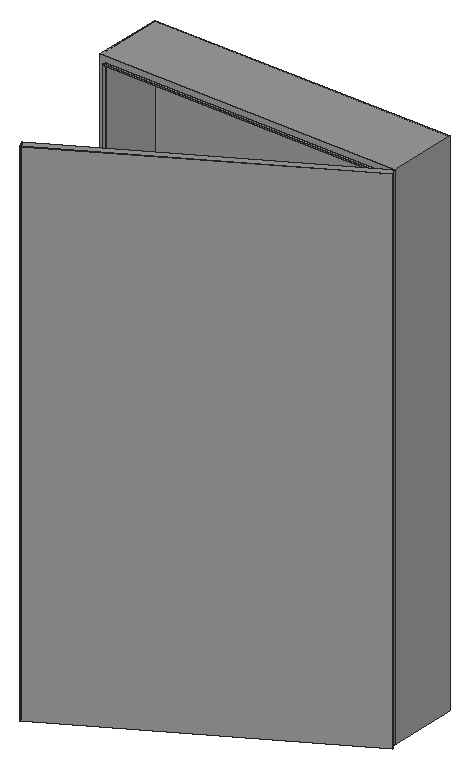
Revit family "Hager-Univers-IP44-D205-H1400-Cl.II-Encl-NoHosted-ES-es", category Electrical Equipment, Revit 2020
Family settings
  Panel Configuration = Two Columns, Circuits Across
  Round Connector Dimension = Use Diameter
  Part Type = Panelboard
  Work Plane-Based = Yes
  Always vertical = Yes
  Cut with Voids When Loaded = No
  Shared = No
  Room Calculation Point = No
Parameters (values of type "Montado superficial (escayola) IP44 A800 A1400 P205  - FP93SN2")
  Width Control [instance] = if([EF000008 - Anchura] > Min Width, [EF000008 - Anchura], Min Width)  # 800 mm
  Type Comments = [HG000003 - Gama]  # "Univers"
  Thickness Door [instance] = if([EF009171 - Espesor puerta/tapa] > 3 mm, 3 mm, [EF009171 - Espesor puerta/tapa])  # 1 mm
  Seal Frame Offset [instance] = 17 mm  # constant formula
  Plinth Visibility [instance] = [HG000027 - Altura de zócalo] > 0 mm  # no
  Min Width [instance] = 100 mm  # constant formula
  Min Depth [instance] = (2 * [EF009170 - Espesor del material de la caja]) + 1 mm  # 3 mm
  Min Height [instance] = 100 mm  # constant formula
  Internal Frame Depth [instance] = (Door System Depth * 0.5)  # 9 mm
  Panel Name [instance] = ""  # (empty or 0)
  Model = ""
  HG000027 - Altura de zócalo = 0 mm
  HG000026 - Instalación en suelo = no
  HG000024 - Altura de la sección inferior = 600 mm
  HG000023 - Caja de doble sección = no
  HG000016 - Visibilidad de la puerta 3D [instance] = yes
  HG000015 - Visibilidad a través de la puerta [instance] = no
  HG000014 - Puerta a la derecha [instance] = yes
  HG000013 - Puerta a la izquierda [instance] = not([HG000014 - Puerta a la derecha])  # no
  HG000012 - Ángulo de giro de la puerta [instance] = 30.00°
  HG000010 - Puertas asimétricas = no
  HG000009 - Puerta batiente doble = no
  HG000006 - Empotrado = no
  HG000004 - Referencia del fabricante = "FP93SN2"
  HG000003 - Gama = "Univers"
  HG000002 - Con puerta o tapa = yes
  Frame Offset Bottom [instance] = 10 mm  # constant formula
  Frame Offset [instance] = 15 mm  # constant formula
  EF015940 - Tapa con alivio de sobrepresión = no
  EF011959 - Grado de protección (NEMA) = ""
  EF009554 - Número de aberturas para placas-brida = 6
  EF009212 - Versión de la cubierta = "EV000116 - Cerrado"
  EF009171 - Espesor puerta/tapa = 1 mm
  EF009170 - Espesor del material de la caja = 1 mm
  EF008873 - Corriente nominal (In) = 250 A
  EF007800 - Adecuado para la protección contra rayos = no
  EF006306 - Con cierre = no
  EF006244 - Tapa/puerta transparente = no
  EF005474 - Grado de protección (IP) = "EV006418 - IP44"
  EF004464 - Tipo de puerta = "EV002646 - Único"
  EF004427 - Número de módulos = 324
  EF004293 - Resistencia al impacto (IK) = "EV006815 - IK09"
  EF003532 - Adecuado para uso en exteriores = no
  EF002950 - Anchura de unidades de división = 36
  EF001613 - Integridad del circuito = "EV000494 - Ninguno"
  EF001596 - Material de la carcasa = "EV000179 - Acero"
  EF001131 - Profundidad interna = 143 mm
  EF001088 - Posibilidad de extensión = yes
  EF000437 - Número de entradas de conductos de cables = 6
  EF000339 - Tipo de cubierta = "EV001012 - Cubrir"
  EF000266 - Número de filas = 9
  EF000218 - Profundidad de instalación = 205 mm
  EF000118 - Con placa de montaje = no
  EF000116 - Número RAL = "9010"
  EF000049 - Profundidad = 205 mm
  EF000040 - Altura = 1400 mm
  EF000008 - Anchura = 800 mm
  EF000007 - Color = "EV000202 - Blanco"
  EF000003 - Tipo de montaje = "EV000384 - Montado superficial (escayola)"
  Door System Leaf Tolerance [instance] = 1.5 mm  # constant formula
  Door System Depth [instance] = 18 mm  # constant formula
  Door Height [instance] = Height Control - [HG000027 - Altura de zócalo]  # 1400 mm
  Description = ""
  Default Elevation = 1219.2 mm
  Connector Offset [instance] = Height Control / 2  # 700 mm
  Manufacturer = "Hager"  # constant formula
  Height Control [instance] = if([EF000040 - Altura] > Min Height, [EF000040 - Altura], Min Height)  # 1400 mm
  Depth Control [instance] = if([EF000049 - Profundidad] > Min Depth, [EF000049 - Profundidad], Min Depth)  # 205 mm
  Bottom Top Plate Trim [instance] = 1.5 mm  # constant formula
  Plinth height Ctrl [instance] = if([HG000027 - Altura de zócalo] > 0 mm, [HG000027 - Altura de zócalo], 12 mm)  # 12 mm
Types (5, lengths in mm): name | Width Control | HG000010 - Puertas asimétricas | HG000009 - Puerta batiente doble | HG000004 - Referencia del fabricante | EF009554 - Número de aberturas para placas-brida | EF004464 - Tipo de puerta | EF004427 - Número de módulos | EF002950 - Anchura de unidades de división | EF001131 - Profundidad interna | EF000437 - Número de entradas de conductos de cables | EF000339 - Tipo de cubierta | EF000008 - Anchura
  Montado superficial (escayola) IP44 A1050 A1400 P205  - FP94SN2 | 1050 | no | yes | "FP94SN2" | 8 | "EV003602 - Doble" | 432 | 48 | 143 | 8 | "EV001012 - Cubrir" | 1050
  Montado superficial (escayola) IP44 A1300 A1400 P205  - FP95SN2 | 1300 | yes | yes | "FP95SN2" | 10 | "EV003602 - Doble" | 540 | 60 | 130 | 10 | "EV004216 - Puerta" | 1300
  Montado superficial (escayola) IP44 A300 A1400 P205  - FP91SN2 | 300 | no | no | "FP91SN2" | 2 | "EV002646 - Único" | 108 | 12 | 143 | 2 | "EV001012 - Cubrir" | 300
  Montado superficial (escayola) IP44 A550 A1400 P205  - FP92SN2 | 550 | no | no | "FP92SN2" | 4 | "EV002646 - Único" | 216 | 24 | 143 | 4 | "EV001012 - Cubrir" | 550
  Montado superficial (escayola) IP44 A800 A1400 P205  - FP93SN2 | 800 | no | no | "FP93SN2" | 6 | "EV002646 - Único" | 324 | 36 | 143 | 6 | "EV001012 - Cubrir" | 800
Reference planes
  plane 1 "Center (Front/Back)": y = 0
  plane 2: z = 0
  plane 3 "Center (Left/Right)": x = 0
  plane 4: y = 0
  plane 5: y = 0
  plane 6: z = 0
  plane 7: x = -400
  plane 8: x = 400
  plane 9: x = 399
  plane 10: x = -399
  plane 11: z = 0
  plane 12: z = 1
  plane 13: y = -205
  plane 14: y = -1
  plane 15: x = 0
  plane 16: y = -187
  plane 17: y = -204
  plane 18: y = -186
  plane 19: x = -384
  plane 20: x = 384
  plane 21: z = 11
  plane 22: x = -383
  plane 23: x = 383
  plane 24: z = 0
  plane 25: z = 1400
  plane 26: z = 1400
  plane 27: z = 1384
  plane 28: z = 1399
Forms (mm)
  Extrusion 1, solid, material "Hager_Steel_RAL7035_Light_Grey", detail levels medium+fine
    sketch origin (-208.679, -4572, 0) x (-1, 0, 0) y (0, -1, 0)
      loop
        line (191.321, -4385) -> (-608.679, -4385) -> (-608.679, -4572) -> (191.321, -4572) -> (191.321, -4385)
    from 0 to 1400
  Extrusion 2, void
    sketch origin (-350.771, -205, 1219.2) x (1, 0, 0) y (0, 0, 1)
      loop
        line (-48.229, 179.8) -> (-48.229, -1218.2) -> (749.771, -1218.2) -> (749.771, 179.8) -> (-48.229, 179.8)
    from -19 to -204
  Extrusion 3, void
    sketch origin (-290.084, -187, 1219.2) x (1, 0, 0) y (0, 0, 1)
      loop
        line (-93.916, -1208.2) -> (674.084, -1208.2) -> (674.084, 164.8) -> (-93.916, 164.8) -> (-93.916, -1208.2)
    from 0 to -1
  Extrusion 4, solid, material "Hager_Steel_RAL7035_Light_Grey", visible <- "Plinth Visibility", detail levels medium+fine
    sketch origin (0, 0, 0) x (1, 0, 0) y (0, 1, 0)
      loop
        line (-400, 0) -> (-400, -187) -> (400, -187) -> (400, 0) -> (-400, 0)
    from 0 to 12 <- "Plinth height Ctrl"
  Extrusion 5, solid, material "Hager_Steel_RAL7035_Light_Grey", detail levels coarse
    sketch origin (0, 0, 0) x (1, 0, 0) y (0, 1, 0)
      loop
        line (-400, 0) -> (-400, -205) -> (400, -205) -> (400, 0) -> (-400, 0)
    from 0 to 1400 <- "Height Control"
  Sweep 6, void
    path in 3D
      loop
        line (-400, -187, 12) -> (400, -187, 12) -> (400, 0, 12) -> (-400, 0, 12) -> (-400, -187, 12)
    profile origin (-400, -93.5, 12) x (1, 0, 0) y (0, 0, 1)
      loop
        line (0, 0) -> (0, -1.5) -> (1.5, -1.5)
        arc (1.5, -1.5) -> (1.061, -0.439) -> (0, 0) r 1.5
  Extrusion 7, solid, material "Hager_Steel_RAL7035_Light_Grey", detail levels fine
    sketch origin (-400, -187, 0) x (1, 0, 0) y (0, 0, 1)
      loop
        line (16, 11) -> (784, 11) -> (784, 1384) -> (16, 1384) -> (16, 11)
      loop
        line (15, 10) -> (785, 10) -> (785, 1385) -> (15, 1385) -> (15, 10)
    from 0 to 9 <- "Internal Frame Depth"
Cuts and joins
  Extrusion 2, Extrusion 3 cuts Extrusion 1
  Sweep 6 cuts Extrusion 4
Lines and regions (mm)
  Masking region 1
    outline origin (0, 0, 0) x (1, 0, 0) y (0, 1, 0)
      loop
        line (-400, 0) -> (-400, -205) -> (400, -205) -> (400, 0) -> (-400, 0)
  Masking region 2, detail levels coarse
    outline origin (-290.084, -187, 1219.2) x (-1, 0, 0) y (0, 0, 1)
      loop
        line (-690.084, -1219.2) -> (109.916, -1219.2) -> (109.916, 180.8) -> (-690.084, 180.8) -> (-690.084, -1219.2)
  Masking region 3, detail levels coarse
    outline origin (0, 0, 0) x (0, 1, 0) y (0, 0, 1)
      loop
        line (0, 0) -> (0, 1400) -> (-205, 1400) -> (-205, 0) -> (0, 0)
  Masking region 4, visible <- "Plinth Visibility", detail levels medium+fine
    outline origin (0, 0, 0) x (0, 1, 0) y (0, 0, 1)
      loop
        line (-1.5, 12) -> (-185.5, 12)
        arc (-185.5, 12) -> (-185.939, 10.939) -> (-187, 10.5) r 1.5
        line (-187, 10.5) -> (-187, 0) -> (0, 0) -> (0, 10.5)
        arc (0, 10.5) -> (-1.061, 10.939) -> (-1.5, 12) r 1.5
  Masking region 5, detail levels medium+fine
    outline origin (0, 0, 594.038) x (0, 1, 0) y (0, 0, 1)
      loop
        line (0, -594.038) -> (0, 805.962) -> (-187, 805.962) -> (-187, -594.038) -> (0, -594.038)
  Masking region 6, detail levels medium+fine
    outline origin (-359.7, -187, 1211.883) x (-1, 0, 0) y (0, 0, 1)
      loop
        line (-759.7, -1211.883) -> (40.3, -1211.883) -> (40.3, 188.117) -> (-759.7, 188.117) -> (-759.7, -1211.883)
  Masking region 7, visible <- "Plinth Visibility", detail levels medium+fine
    outline origin (-320.334, -187, 1041.368) x (-1, 0, 0) y (0, 0, 1)
      loop
        line (-720.334, -1041.368) -> (79.666, -1041.368) -> (79.666, -1030.868)
        arc (79.666, -1030.868) -> (78.606, -1030.429) -> (78.166, -1029.368) r 1.5
        line (78.166, -1029.368) -> (-718.834, -1029.368)
        arc (-718.834, -1029.368) -> (-719.273, -1030.429) -> (-720.334, -1030.868) r 1.5
        line (-720.334, -1030.868) -> (-720.334, -1041.368)
  sketch lines
    curve 1: line (-400, 0, 12) -> (-400, -187, 12)
    curve 2: line (-400, -187, 12) -> (400, -187, 12)
    curve 3: line (400, 0, 12) -> (-400, 0, 12)
    curve 4: line (400, -187, 12) -> (400, 0, 12)
Dimensions and locks
  locked: plane 1 "Center (Front/Back)" to plane 5
  "EF009170 - Espesor del material de la caja": plane 7 to plane 10
  "EF009170 - Espesor del material de la caja": plane 8 to plane 9
  equal spacing: plane 7, plane 3 "Center (Left/Right)", plane 8
  "Width Control": plane 7 to plane 8
  "Depth Control": plane 4 to plane 13
  "EF009170 - Espesor del material de la caja": plane 4 to plane 14
  "Height Control": plane 25 to level
  "HG000027 - Altura de zócalo": plane 11 to level
  "EF009170 - Espesor del material de la caja": plane 12 to plane 11
  "EF009170 - Espesor del material de la caja": plane 17 to plane 13
  "EF009170 - Espesor del material de la caja": plane 18 to plane 16
  "Frame Offset Bottom": plane 21 to plane 12
  "Frame Offset": plane 10 to plane 19
  "Frame Offset": plane 9 to plane 20
  "Door System Depth": plane 16 to plane 13
  "Seal Frame Offset": plane 7 to plane 22
  "Seal Frame Offset": plane 8 to plane 23
  "EF009170 - Espesor del material de la caja": plane 26 to plane 28
  "Frame Offset": plane 28 to plane 27
  "Connector Offset": plane 2 to connector elem
  "Bottom Top Plate Trim": profile plane to Sweep 6 sketch curve
  "Bottom Top Plate Trim": Sweep 6 sketch curve to Sweep 6 sketch curve
  "Plinth height Ctrl": Masking region 4 sketch curve to level
  "Plinth height Ctrl": Masking region 7 sketch curve to level
  "Thickness Door": Extrusion 7 sketch curve to Extrusion 7 sketch curve  (x4)
  "Bottom Top Plate Trim": radius of Sweep 6 sketch curve
  "Bottom Top Plate Trim": radius of Masking region 4 sketch curve  (x2)
  "Bottom Top Plate Trim": radius of Masking region 7 sketch curve  (x2)
  aligned and locked: Extrusion 2 sketch curve to plane 12
  aligned and locked: Extrusion 2 sketch curve to plane 9
  aligned and locked: Extrusion 2 sketch curve to plane 10
  aligned and locked: Extrusion 2 to plane 14
  aligned and locked: Extrusion 1 sketch curve to plane 4
  aligned and locked: plane 8 to Extrusion 1 sketch curve
  aligned and locked: plane 7 to Extrusion 1 sketch curve
  aligned and locked: Extrusion 2 to plane 18
  aligned and locked: Extrusion 3 sketch curve to plane 19
  aligned and locked: plane 20 to Extrusion 3 sketch curve
  aligned and locked: Extrusion 3 to Extrusion 2
  aligned and locked: Extrusion 3 sketch curve to plane 21
  aligned and locked: plane 3 "Center (Left/Right)" to nested 1
  aligned and locked: Extrusion 1 sketch curve to plane 16
  aligned and locked: Extrusion 4 sketch curve to cut or joined group of Extrusion 1, Extrusion 2, Extrusion 3
  aligned and locked: Masking region 1 sketch curve to plane 7
  aligned and locked: Masking region 1 sketch curve to plane 5
  aligned and locked: Masking region 1 sketch curve to plane 8
  aligned and locked: Masking region 2 sketch curve to level
  aligned and locked: level to Masking region 3 sketch curve
  aligned and locked: plane 1 "Center (Front/Back)" to Masking region 3 sketch curve
  aligned and locked: plane 13 to Masking region 3 sketch curve
  aligned and locked: plane 5 to Masking region 4 sketch curve
  aligned and locked: Masking region 2 sketch curve to plane 8
  aligned and locked: Masking region 2 sketch curve to plane 7
  aligned and locked: plane 7 to nested 2
  aligned and locked: nested 2 to plane 5
  aligned and locked: plane 5 to Masking region 5 sketch curve
  aligned and locked: plane 26 to Masking region 5 sketch curve
  aligned and locked: Extrusion 5 sketch curve to plane 8
  aligned and locked: Extrusion 5 sketch curve to plane 7
  aligned and locked: Extrusion 5 sketch curve to plane 5
  aligned and locked: Extrusion 3 sketch curve to plane 27
  aligned and locked: Extrusion 2 sketch curve to plane 28
  aligned and locked: Masking region 2 to plane 25
  aligned and locked: Extrusion 4 to plane 16
  aligned and locked: profile plane to Sweep 6 sketch curve
  aligned and locked: Masking region 5 sketch curve to plane 24
  aligned and locked: level to Masking region 4 sketch curve
  aligned and locked: Masking region 1 to plane 13
  aligned and locked: nested 1 to plane 16
  aligned and locked: Masking region 3 to plane 25
  aligned and locked: plane 16 to Masking region 4 sketch curve
  aligned and locked: Masking region 5 sketch curve to plane 16
  aligned and locked: plane 24 to plane 11
  aligned and locked: plane 26 to plane 25
  aligned and locked: plane 26 to cut or joined group of Extrusion 1, Extrusion 2, Extrusion 3
  aligned and locked: nested 1 to plane 24
  aligned and locked: Extrusion 1 to Extrusion 3
  aligned and locked: Masking region 6 sketch curve to plane 8
  aligned and locked: Masking region 6 sketch curve to plane 24
  aligned and locked: Masking region 6 sketch curve to plane 7
  aligned and locked: Masking region 6 sketch curve to plane 26
  aligned and locked: Masking region 7 sketch curve to plane 7
  aligned and locked: level to Masking region 7 sketch curve
  aligned and locked: Masking region 7 sketch curve to plane 8
  aligned and locked: Extrusion 7 sketch curve to cut or joined group of Extrusion 1, Extrusion 2, Extrusion 3  (x4)
Automatic sketch dimensions
  plane 19 to Extrusion 3 sketch curve = 0 mm
  Extrusion 3 sketch curve to plane 20 = 0 mm
  Extrusion 3 sketch curve to plane 21 = 0 mm
  Extrusion 4 sketch curve to plane 7 = 0 mm
  Extrusion 4 sketch curve to plane 8 = 0 mm
  Extrusion 4 sketch curve to plane 16 = 0 mm
  Masking region 1 sketch curve to plane 13 = 0 mm
  Masking region 2 sketch curve to plane 25 = 0 mm
  Masking region 3 sketch curve to plane 25 = 0 mm
  Extrusion 5 sketch curve to plane 13 = 0 mm
  profile plane to Sweep 6 sketch curve = 0 mm
Nested families
  nested 1: "EC000058_Univers_Door" at (0, -187, 0), Double <- "HG000009 - Puerta batiente doble", Transparent <- "EF006244 - Tapa/puerta transparente", Angle <- "HG000012 - Ángulo de giro de la puerta", Door_Right <- "HG000014 - Puerta a la derecha", Assymetrical <- "HG000010 - Puertas asimétricas", Door <- "HG000002 - Con puerta o tapa", Width_Ctrl <- "Width Control", 3d_Door <- "HG000016 - Visibilidad de la puerta 3D", Clearance <- "HG000015 - Visibilidad a través de la puerta", Door_Left <- "HG000013 - Puerta a la izquierda", Width <- "Width Control", Door_Depth <- "Door System Depth", Leaf_Tolerance <- "Door System Leaf Tolerance", Height <- "Door Height", Lock_Visibility <- "EF006306 - Con cierre", Thickness <- "Thickness Door", type "EC000058_Univers_Door", detail levels medium+fine
    with min_wh 3 mm, Width_Ctrl 800 mm, Width 800 mm, Transparent no, Thickness 1 mm, Seal_Material Hager_Rubber, Lock_Visibility no, Lock_Material Hager_Plastic_RAL9005_Jet_Black, Leaf_Width 800 mm, Leaf_Tolerance_External_Sides 0 mm, Leaf_Tolerance 1.5 mm, Leaf_Offset 0 mm, Leaf_Height 1397 mm, Leaf_2_Width 800 mm, Leaf_2_Offset 400 mm, Leaf_1_Width 800 mm, Leaf_1_Offset 400 mm, Height_Ctrl 1400 mm, Height 1400 mm, Glass_Material Hager_Glass, Double_Clearance_Ctrl no, Double no, Door_Right_Ctrl yes, Door_Right yes, Door_Material Hager_Steel_RAL7035_Light_Grey, Door_Left_Ctrl no, Door_Left no, Door_Depth 18 mm, Door yes, Clearance_Material Hager_Clearance, Clearance_Depth 800 mm, Clearance_Ctrl no, Clearance no, Assymetrical no, Angle 30.00°, 3d_Door yes
  nested 2: "Hager_Enclosure_Symbol" at (-400, 0, 0), Height <- "Depth Control", Width <- "Width Control", type "Hager_Enclosure_Symbol"
    with Width_Ctrl 800 mm, Width 800 mm, Height_Ctrl 205 mm, Height 205 mm, A_Width_Int 13.453 mm, A_Width 161.438 mm, A_Height_Ctrl 179.375 mm, A_Height 179.375 mm
Connectors
  electrical at (0, 0, 700)
    settings: on plane 1 "Center (Front/Back)", index 1, voltage 0 V, apparent load 0 VA, apparent load phase1 0 VA, apparent load phase2 0 VA, apparent load phase3 0 VA, power factor 1, load classification "Other", number of poles 1, system type 30, power factor state 1, is connector primary yes, connector utility no, sub classification motor no, connector description ""
Definition of nested family "EC000058_Univers_Door"
  Parameters (values of type "EC000058_Univers_Door")
    min_wh [instance] = (2 * Thickness) + 1 mm  # 11 mm
    Width_Ctrl [instance] = 400 mm
    Width [instance] = 500 mm
    Transparent [instance] = yes
    Thickness [instance] = 5 mm
    Seal_Material [instance] = none
    Lock_Visibility [instance] = yes
    Lock_Material [instance] = none
    Leaf_Width [instance] = if((Width_Ctrl - 2 * Leaf_Tolerance_External_Sides) > 0 mm, (Width_Ctrl - 2 * Leaf_Tolerance_External_Sides), min_wh)  # 400 mm
    Leaf_Tolerance_External_Sides [instance] = 0 mm  # constant formula
    Leaf_Tolerance [instance] = 1.5 mm
    Leaf_Offset [instance] = 0 mm  # constant formula
    Leaf_Height [instance] = if((Height_Ctrl - 2 * Leaf_Tolerance) > 0 mm, (Height_Ctrl - 2 * Leaf_Tolerance), min_wh)  # 497 mm
    Leaf_2_Width [instance] = if(and(and(Double, Assymetrical), Door_Left), (Leaf_Width / 3) - (Leaf_Tolerance / 2), if(and(and(Double, Assymetrical), Door_Right), (Leaf_Width / 3) * 2 - (Leaf_Tolerance / 2), if(and(Double, not(Assymetrical)), (Leaf_Width / 2) - Leaf_Tolerance, Leaf_Width)))  # 400 mm
    Leaf_2_Offset [instance] = if(and(Double, Assymetrical), Leaf_2_Width / 2, if(and(Double, not(Assymetrical)), Leaf_Width / 4, Leaf_Width / 2))  # 200 mm
    Leaf_1_Width [instance] = if(and(and(Double, Assymetrical), Door_Right), (Leaf_Width / 3) - (Leaf_Tolerance / 2), if(and(and(Double, Assymetrical), Door_Left), (Width / 3) * 2 - (Leaf_Tolerance / 2), if(and(Double, not(Assymetrical)), (Leaf_Width / 2) - Leaf_Tolerance, Leaf_Width)))  # 400 mm
    Leaf_1_Offset [instance] = if(and(Double, Assymetrical), Leaf_1_Width / 2, if(and(Double, not(Assymetrical)), Leaf_Width / 4, Leaf_Width / 2))  # 200 mm
    Height_Ctrl [instance] = if(Height > min_wh, Height, min_wh)  # 500 mm
    Height [instance] = 500 mm
    Glass_Material [instance] = none
    Double_Clearance_Ctrl [instance] = and(Double, Clearance)  # no
    Double [instance] = no
    Door_Right_Ctrl [instance] = and(or(Door_Right, Double), Door)  # yes
    Door_Right [instance] = yes
    Door_Material [instance] = none
    Door_Left_Ctrl [instance] = and(or(Door_Left, Double), Door)  # no
    Door_Left [instance] = no
    Door_Depth [instance] = 30 mm
    Door [instance] = yes
    Default Elevation = 1219.2 mm
    Clearance_Material [instance] = none
    Clearance_Depth [instance] = if(Leaf_1_Width > Leaf_2_Width, Leaf_1_Width, Leaf_2_Width)  # 400 mm
    Clearance_Ctrl [instance] = and(not(Double), Clearance)  # yes
    Clearance [instance] = yes
    Assymetrical [instance] = yes
    Angle [instance] = 30.00°
    3d_Door [instance] = yes
  Reference planes
    plane 1 "Center (Front/Back)": y = 0
    plane 2 "Bottom": z = 0
    plane 3 "Center (Left/Right)": x = 0
    plane 4: z = 500
    plane 5: x = -200
    plane 6: x = 200
    plane 7: z = 500
    plane 8: x = -200
    plane 9: z = 0
    plane 10: x = 200
    plane 11: y = 0
    plane 12: z = 1.5
    plane 13: x = -600
    plane 14: y = -400
    plane 15: x = 600
    plane 16: x = 0
    plane 17: x = 0
    plane 18: x = -200
    plane 19: x = 200
    plane 20: z = 498.5
  Forms (mm)
    Extrusion 1, solid, material <- "Clearance_Material", visible <- "Double_Clearance_Ctrl"
      sketch origin (1200, 0, 0) x (1, 0, 0) y (0, 0, -1)
        loop
          line (-1800, -498.5) -> (-600, -498.5) -> (-600, 0) -> (-1800, 0) -> (-1800, -498.5)
      from 0 to -400
  Dimensions and locks
    equal spacing: plane 5, plane 3 "Center (Left/Right)", plane 6
    "Width_Ctrl": plane 5 to plane 6
    "Leaf_Offset": plane 5 to plane 8
    "Leaf_Offset": plane 6 to plane 10
    "Leaf_Offset": plane 9 to level
    "Leaf_Offset": plane 4 to plane 7
    "Height_Ctrl": plane 4 to level
    "Leaf_Tolerance": plane 12 to plane 9
    locked: plane 11 to plane 1 "Center (Front/Back)"
    "Leaf_1_Offset": plane 18 to plane 16
    "Leaf_2_Offset": plane 17 to plane 19
    "Leaf_1_Width": plane 13 to plane 8
    "Leaf_2_Width": plane 10 to plane 15
    "Clearance_Depth": plane 14 to plane 1 "Center (Front/Back)"
    "Leaf_Tolerance_External_Sides": plane 8 to plane 18
    "Leaf_Tolerance_External_Sides": plane 19 to plane 10
    "Leaf_Tolerance": plane 7 to plane 20
    aligned and locked: level to plane 2 "Bottom"
    aligned and locked: nested 1 to plane 16
    aligned and locked: nested 2 to plane 17
    aligned and locked: Extrusion 1 to plane 13
    aligned and locked: plane 15 to Extrusion 1
    aligned and locked: Extrusion 1 to plane 14
    aligned and locked: plane 12 to nested 1
    aligned and locked: nested 2 to plane 12
    aligned and locked: Extrusion 1 to plane 11
    aligned and locked: plane 20 to Extrusion 1
    aligned and locked: nested 2 to plane 11
    aligned and locked: nested 1 to plane 11
  Automatic sketch dimensions
    Extrusion 1 sketch curve to level = 0 mm
    plane 5 to Extrusion 1 sketch curve = 400 mm
    plane 6 to Extrusion 1 sketch curve = 400 mm
    Extrusion 1 sketch curve to plane 4 = 1.5 mm
  Nested families
    nested 1: "EC000058_Univers_Door_Leaf" at (0, 0, 1.5), Width <- "Leaf_1_Width", visible <- "Door_Left_Ctrl", Leaf_Height <- "Leaf_Height", Angle <- "Angle", 3d_Door <- "3d_Door", Transparent <- "Transparent", Clearance Material <- "Clearance_Material", Clearance <- "Clearance_Ctrl", Door_Material <- "Door_Material", Glass_Material <- "Glass_Material", Door_Depth <- "Door_Depth", Lock_Material <- "Lock_Material", Seal_Material <- "Seal_Material", Lock_Visibility <- "Lock_Visibility", Thickness <- "Thickness", type "EC000058_Univers_Door_Leaf"
      with Width 400 mm, Transparent_Glass_Offset 30 mm, Transparent_Ctrl yes, Transparent yes, Thickness 5 mm, Standard no, Seal_Material none, Seal_D2 8 mm, Seal_D1 1 mm, Offset_Internal_Frame 10 mm, Lock_Width 20 mm, Lock_Visibility_3d yes, Lock_Visibility yes, Lock_Thickness_3 3 mm, Lock_Thickness_2 1 mm, Lock_Thickness_1 3 mm, Lock_Radius_Offset_2 16 mm, Lock_Radius_Offset_1 15 mm, Lock_Radius_2 5 mm, Lock_Radius 6 mm, Lock_Offset 5 mm, Lock_Material none, Lock_Height 80 mm, Lock_Cover_Top_Offset_2d 17 mm, Lock_Cover_Height -65 mm, Leaf_Height 497 mm, Internal_Seal_Thickness 8 mm, Internal_Seal_Depth_2 4.5 mm, Internal_Frame_Depth 25 mm, Glass_Thickness -1 mm, Glass_Offset -2 mm, Glass_Material none, Door_Material none, Door_Depth 30 mm, Clearance Material none, Clearance yes, Angle_Ctrl 30.00°, Angle 30.00°, 3d_Door yes
    nested 2: "EC000058_Univers_Door_Leaf" at (0, 0, 1.5) x (-1, 0, 0) z (0, 0, 1), Width <- "Leaf_2_Width", visible <- "Door_Right_Ctrl", Leaf_Height <- "Leaf_Height", Angle <- "Angle", 3d_Door <- "3d_Door", Transparent <- "Transparent", Clearance Material <- "Clearance_Material", Clearance <- "Clearance_Ctrl", Door_Material <- "Door_Material", Glass_Material <- "Glass_Material", Door_Depth <- "Door_Depth", Lock_Material <- "Lock_Material", Seal_Material <- "Seal_Material", Lock_Visibility <- "Lock_Visibility", Thickness <- "Thickness", type "EC000058_Univers_Door_Leaf"
      with Width 400 mm, Transparent_Glass_Offset 30 mm, Transparent_Ctrl yes, Transparent yes, Thickness 5 mm, Standard no, Seal_Material none, Seal_D2 8 mm, Seal_D1 1 mm, Offset_Internal_Frame 10 mm, Lock_Width 20 mm, Lock_Visibility_3d yes, Lock_Visibility yes, Lock_Thickness_3 3 mm, Lock_Thickness_2 1 mm, Lock_Thickness_1 3 mm, Lock_Radius_Offset_2 16 mm, Lock_Radius_Offset_1 15 mm, Lock_Radius_2 5 mm, Lock_Radius 6 mm, Lock_Offset 5 mm, Lock_Material none, Lock_Height 80 mm, Lock_Cover_Top_Offset_2d 17 mm, Lock_Cover_Height -65 mm, Leaf_Height 497 mm, Internal_Seal_Thickness 8 mm, Internal_Seal_Depth_2 4.5 mm, Internal_Frame_Depth 25 mm, Glass_Thickness -1 mm, Glass_Offset -2 mm, Glass_Material none, Door_Material none, Door_Depth 30 mm, Clearance Material none, Clearance yes, Angle_Ctrl 30.00°, Angle 30.00°, 3d_Door yes
  Definition of nested family "EC000058_Univers_Door_Leaf"
    Parameters (values of type "EC000058_Univers_Door_Leaf")
      Width [instance] = 2000 mm
      Transparent_Glass_Offset [instance] = 30 mm
      Transparent_Ctrl [instance] = and(Transparent, [3d_Door])  # yes
      Transparent [instance] = yes
      Thickness [instance] = 5 mm
      Standard [instance] = and(not(Transparent), [3d_Door])  # no
      Seal_Material [instance] = none
      Seal_D2 [instance] = 8 mm  # constant formula
      Seal_D1 [instance] = 1 mm  # constant formula
      Offset_Internal_Frame [instance] = 10 mm  # constant formula
      Lock_Width [instance] = 20 mm  # constant formula
      Lock_Visibility_3d [instance] = and(Lock_Visibility, [3d_Door])  # yes
      Lock_Visibility [instance] = yes
      Lock_Thickness_3 [instance] = 3 mm  # constant formula
      Lock_Thickness_2 [instance] = 1 mm  # constant formula
      Lock_Thickness_1 [instance] = 3 mm  # constant formula
      Lock_Radius_Offset_2 [instance] = Lock_Radius_Offset_1 + 1 mm  # 16 mm
      Lock_Radius_Offset_1 [instance] = 15 mm  # constant formula
      Lock_Radius_2 [instance] = Lock_Radius - 1 mm  # 5 mm
      Lock_Radius [instance] = 6 mm  # constant formula
      Lock_Offset [instance] = 5 mm  # constant formula
      Lock_Material [instance] = none
      Lock_Height [instance] = 80 mm  # constant formula
      Lock_Cover_Top_Offset_2d [instance] = Lock_Radius_Offset_2 + 1 mm  # 17 mm
      Lock_Cover_Height [instance] = -(Lock_Height - Lock_Radius_Offset_1)  # -65 mm
      Leaf_Height [instance] = 2720.336 mm
      Internal_Seal_Thickness [instance] = 8 mm  # constant formula
      Internal_Seal_Depth_2 [instance] = 4.5 mm  # constant formula
      Internal_Frame_Depth [instance] = if(Door_Depth - Thickness > 5 mm, Door_Depth - Thickness, 5 mm)  # 25 mm
      Glass_Thickness [instance] = if(Thickness > 15 mm, Glass_Offset + 10 mm, -1 mm)  # -1 mm
      Glass_Offset [instance] = if(Thickness > 15 mm, -(Thickness + 10 mm) / 2, -2 mm)  # -2 mm
      Glass_Material [instance] = none
      Door_Material [instance] = none
      Door_Depth [instance] = 30 mm
      Default Elevation = 0 mm
      Clearance Material [instance] = none
      Clearance [instance] = yes
      Angle_Ctrl [instance] = if(Angle > 180.00°, 180.00°, Angle)  # 90.00°
      Angle [instance] = 90.00°
      3d_Door [instance] = yes
    Reference planes
      plane 1 "Center (Front/Back)": y = 0
      plane 2: z = 0
      plane 3 "Center (Left/Right)": x = 0
      plane 4: y = 2000
      plane 5: x = -1000
      plane 6: x = 1000
      plane 7: x = -3000
      plane 8: z = 2720.336
      plane 9: z = 30
      plane 10: z = 2690.336
      plane 11: x = 970
      plane 12: x = -970
      plane 13: y = -3
      plane 14: z = 107.833
      plane 15: y = -5
      plane 16: y = -223.314
      plane 17: x = -1000
      plane 18: z = 1360.168
      plane 19: y = 30
    Forms (mm)
      Extrusion 1, solid, material <- "Clearance Material", visible <- "Clearance"
        sketch origin (0, 0, 0) x (1, 0, 0) y (0, 0, 1)
          loop
            line (-3000, 2720.336) -> (-3000, 0) -> (1000, 0) -> (1000, 2720.336) -> (-3000, 2720.336)
        from 0 to -2000
      Extrusion 2, solid, material <- "Door_Material", visible <- "Standard", detail levels medium+fine
        sketch origin (-1000, 0, 0) x (0, 1, 0) y (-1, 0, 0)
          loop
            line (0, 30) -> (0, 25) -> (2000, 25) -> (2000, 30) -> (0, 30)
        from 0 to 2720.336 <- "Leaf_Height"
      Extrusion 3, solid, material <- "Door_Material", visible <- "Transparent_Ctrl", detail levels medium+fine
        sketch origin (-1000, 0, 0) x (0, 1, 0) y (-1, 0, 0)
          loop
            line (0, 25) -> (2000, 25) -> (2000, 30) -> (0, 30) -> (0, 25)
        from 0 to 2720.336 <- "Leaf_Height"
      Extrusion 4, void
        sketch origin (-1025, 2000, 0) x (0, 1, 0) y (0, 0, -1)
          loop
            line (-30, -2690.336) -> (-30, -30) -> (-1970, -30) -> (-1970, -2690.336) -> (-30, -2690.336)
        from 0 to 5 <- "Thickness"
      Sweep 5, solid, material <- "Seal_Material", visible <- "Transparent_Ctrl", detail levels fine
        path in 3D
          loop
            line (-1025, 30, 30) -> (-1025, 30, 2690.336) -> (-1025, 1970, 2690.336) -> (-1025, 1970, 30) -> (-1025, 30, 30)
        profile origin (-1025, 1000, 30) x (1, 0, 0) y (0, 0, 1)
          loop
            line (0, 0) -> (0, -8) -> (1, -8) -> (1, 0) -> (0, 0)
      Extrusion 6, solid, material <- "Glass_Material", visible <- "Transparent_Ctrl", detail levels medium+fine
        sketch origin (-1030, 0, 0) x (0, 1, 0) y (0, 0, -1)
          loop
            line (1970, -2690.336) -> (1970, -30) -> (30, -30) -> (30, -2690.336) -> (1970, -2690.336)
        from -2 <- "Glass_Offset" to -1 <- "Glass_Thickness"
      Extrusion 7, solid, material <- "Door_Material", visible <- "3d_Door", detail levels medium+fine
        sketch origin (-1025, 2000, 0) x (0, -1, 0) y (0, 0, -1)
          loop
            line (0, -2720.336) -> (2000, -2720.336) -> (2000, 0) -> (0, 0) -> (0, -2720.336)
          loop
            line (1995, -5) -> (5, -5) -> (5, -2715.336) -> (1995, -2715.336) -> (1995, -5)
        from 0 to 25 <- "Internal_Frame_Depth"
      Sweep 8, solid, material <- "Seal_Material", visible <- "Transparent_Ctrl", detail levels fine
        path in 3D
          loop
            line (-1025, 0, 0) -> (-1025, 2000, 0) -> (-1025, 2000, 2720.336) -> (-1025, 0, 2720.336) -> (-1025, 0, 0)
        profile origin (-1025, 0, 1360.168) x (1, 0, 0) y (0, 1, 0)
          loop
            line (0, 10) -> (2.975, 10)
            arc (2.975, 10) -> (4.053, 10.447) -> (4.5, 11.525) r 1.525
            line (4.5, 11.525) -> (4.5, 16.527)
            arc (4.5, 16.527) -> (4.069, 17.569) -> (3.027, 18) r 1.473
            line (3.027, 18) -> (0, 18) -> (0, 10)
      Extrusion 9, solid, material <- "Lock_Material", visible <- "Lock_Visibility_3d", detail levels fine
        sketch origin (-1030, 0, 0) x (0, 1, 0) y (0, 0, -1)
          loop
            arc (1993.5, -1400.168) -> (1994.561, -1399.729) -> (1995, -1398.668) r 1.5
            line (1995, -1398.668) -> (1995, -1320.168) -> (1975, -1320.168) -> (1975, -1398.668)
            arc (1975, -1398.668) -> (1975.439, -1399.729) -> (1976.5, -1400.168) r 1.5
            line (1976.5, -1400.168) -> (1993.5, -1400.168)
        from 3 <- "Lock_Thickness_1" to 0
      Blend 10, solid, material <- "Lock_Material", visible <- "Lock_Visibility_3d", detail levels fine
        base sketch origin (-1033, 0, 0) x (0, 1, 0) y (0, 0, -1)
          loop
            line (1975, -1320.168) -> (1975, -1398.668)
            arc (1975, -1398.668) -> (1975.439, -1399.729) -> (1976.5, -1400.168) r 1.5
            line (1976.5, -1400.168) -> (1993.5, -1400.168)
            arc (1993.5, -1400.168) -> (1994.561, -1399.729) -> (1995, -1398.668) r 1.5
            line (1995, -1398.668) -> (1995, -1320.168) -> (1975, -1320.168)
        top sketch origin (-1033, 0, 0) x (0, 1, 0) y (0, 0, -1)
          loop
            line (1976, -1320.168) -> (1976, -1398.668)
            arc (1976, -1398.668) -> (1976.146, -1399.022) -> (1976.5, -1399.168) r 0.5
            line (1976.5, -1399.168) -> (1993.5, -1399.168)
            arc (1993.5, -1399.168) -> (1993.854, -1399.022) -> (1994, -1398.668) r 0.5
            line (1994, -1398.668) -> (1994, -1320.168) -> (1976, -1320.168)
        from 0 to 1 <- "Lock_Thickness_2"
      Blend 11, solid, material <- "Lock_Material", visible <- "Lock_Visibility_3d", detail levels fine
        base sketch origin (-1034, 0, 0) x (0, 1, 0) y (0, 0, -1)
          loop
            line (1978, -1320.168) -> (1978, -1384.168)
            arc (1978, -1384.168) -> (1985, -1391.168) -> (1992, -1384.168) r 7
            line (1992, -1384.168) -> (1992, -1320.168) -> (1978, -1320.168)
        top sketch origin (-1034, 0, 0) x (0, 1, 0) y (0, 0, -1)
          loop
            line (1991, -1320.168) -> (1979, -1320.168) -> (1979, -1383.168)
            arc (1979, -1383.168) -> (1985, -1389.168) -> (1991, -1383.168) r 6
            line (1991, -1383.168) -> (1991, -1320.168)
        from 0 to 3 <- "Lock_Thickness_3"
      Extrusion 12, solid, material <- "Lock_Material", visible <- "Lock_Visibility_3d", detail levels fine
        sketch origin (-1030, 1975, 1320.168) x (1, 0, 0) y (0, -1, 0)
          loop
            line (-7, -19) -> (-7, -1) -> (0, -1) -> (0, 0) -> (-8, 0) -> (-8, -20) -> (0, -20) -> (0, -19) -> (-7, -19)
        from 0 to -65 <- "Lock_Cover_Height"
      Extrusion 13, void
        sketch origin (-1038, 1995, 1320.168) x (-1, 0, 0) y (0, 0, -1)
          loop
            line (-5, -65) -> (0, -65) -> (-5, -60) -> (-5, -65)
        from 0 to 20 <- "Lock_Width"
      Extrusion 14, void
        sketch origin (-1038, 1975, 1320.168) x (0, -1, 0) y (0, 0, -1)
          loop
            circle (-10, -15.995) r 6
          loop
            circle (-10, -15.995) r 5
        from 0 to 2
      Extrusion 15, solid, material <- "Lock_Material", visible <- "Lock_Visibility_3d", detail levels medium
        sketch origin (-1030, 0, 0) x (0, 1, 0) y (0, 0, -1)
          loop
            arc (1993.5, -1400.168) -> (1994.561, -1399.729) -> (1995, -1398.668) r 1.5
            line (1995, -1398.668) -> (1995, -1320.168) -> (1975, -1320.168) -> (1975, -1398.668)
            arc (1975, -1398.668) -> (1975.439, -1399.729) -> (1976.5, -1400.168) r 1.5
            line (1976.5, -1400.168) -> (1993.5, -1400.168)
        from 8 to 0
    Cuts and joins
      Extrusion 4 cuts Extrusion 3
      Extrusion 13, Extrusion 14 cuts Extrusion 9
      Extrusion 14 cuts Blend 11
      Extrusion 13, Extrusion 14 cuts Extrusion 12
      joined: Extrusion 9, Blend 10, Blend 11, Extrusion 12
      Extrusion 14 cuts Extrusion 15
    Lines and regions (mm)
      Masking region 1, visible <- "Lock_Visibility", detail levels fine
        outline origin (0, 0, 0) x (0, 1, 0) y (0, 0, 1)
          loop
            line (30, 1320.168) -> (33, 1320.168) -> (33, 1400.168) -> (30, 1400.168) -> (30, 1320.168)
      Masking region 2, visible <- "Lock_Visibility", detail levels fine
        outline origin (0, 3.143, 0) x (0, 1, 0) y (0, 0, 1)
          loop
            line (29.857, 1354.168) -> (30.857, 1354.168) -> (30.857, 1366.168) -> (29.857, 1366.168) -> (29.857, 1354.168)
      Masking region 3, detail levels medium+fine
        outline origin (0, 0, 0) x (0, 1, 0) y (0, 0, 1)
          loop
            line (0, 0) -> (30, 0) -> (30, 2720.336) -> (0, 2720.336) -> (0, 0)
      Masking region 4, detail levels medium+fine
        outline origin (0, 0, 0) x (1, 0, 0) y (0, 0, 1)
          loop
            line (-1000, 2720.336) -> (-1000, 0) -> (1000, 0) -> (1000, 2720.336) -> (-1000, 2720.336)
      Masking region 5, visible <- "Lock_Visibility", detail levels fine
        outline origin (-47.116, 0, 0) x (1, 0, 0) y (0, 0, 1)
          loop
            arc (1024.616, 1399.168) -> (1023.556, 1398.729) -> (1023.116, 1397.668) r 1.5
            line (1023.116, 1397.668) -> (1023.116, 1320.168) -> (1041.116, 1320.168) -> (1041.116, 1397.668)
            arc (1041.116, 1397.668) -> (1040.677, 1398.729) -> (1039.616, 1399.168) r 1.5
            line (1039.616, 1399.168) -> (1024.616, 1399.168)
      Masking region 6, visible <- "Lock_Visibility", detail levels medium+fine
        outline origin (-25, 0, 0) x (1, 0, 0) y (0, 0, 1)
          loop
            arc (1001.5, 1400.168) -> (1000.439, 1399.729) -> (1000, 1398.668) r 1.5
            line (1000, 1398.668) -> (1000, 1320.168) -> (1020, 1320.168) -> (1020, 1398.668)
            arc (1020, 1398.668) -> (1019.561, 1399.729) -> (1018.5, 1400.168) r 1.5
            line (1018.5, 1400.168) -> (1001.5, 1400.168)
      Masking region 7, visible <- "Lock_Visibility", detail levels fine
        outline origin (-73.735, 0, 0) x (1, 0, 0) y (0, 0, 1)
          loop
            line (1051.735, 1382.168) -> (1065.735, 1382.168) -> (1065.735, 1384.168)
            arc (1065.735, 1384.168) -> (1058.735, 1391.168) -> (1051.735, 1384.168) r 7
            line (1051.735, 1384.168) -> (1051.735, 1382.168)
      Masking region 8, visible <- "Lock_Visibility", detail levels fine
        outline origin (-73.735, 0, 0) x (1, 0, 0) y (0, 0, 1)
          loop
            line (1052.735, 1382.168) -> (1064.735, 1382.168) -> (1064.735, 1383.168)
            arc (1064.735, 1383.168) -> (1058.735, 1389.168) -> (1052.735, 1383.168) r 6
            line (1052.735, 1383.168) -> (1052.735, 1382.168)
      Masking region 9, visible <- "Lock_Visibility", detail levels fine
        outline origin (-25, 0, 0) x (1, 0, 0) y (0, 0, 1)
          loop
            line (1020, 1320.168) -> (1020, 1382.168) -> (1000, 1382.168) -> (1000, 1320.168) -> (1020, 1320.168)
      Masking region 10, detail levels medium+fine
        outline origin (0, 0, 0) x (1, 0, 0) y (0, 0, 1)
          loop
            circle (985, 1335.144) r 6
      Masking region 11, detail levels fine
        outline origin (0, 0, 0) x (1, 0, 0) y (0, 0, 1)
          loop
            circle (985, 1335.144) r 5
      Masking region 12, visible <- "Lock_Visibility", detail levels fine
        outline origin (0, 12.767, 0) x (0, 1, 0) y (0, 0, 1)
          loop
            line (20.233, 1320.168) -> (21.233, 1320.168) -> (21.233, 1399.168) -> (20.233, 1400.168) -> (20.233, 1320.168)
      Masking region 13, visible <- "Lock_Visibility", detail levels fine
        outline origin (0, 13.767, -10) x (0, 1, 0) y (0, 0, 1)
          loop
            line (20.233, 1330.168) -> (23.233, 1330.168) -> (23.233, 1399.168) -> (20.233, 1402.168) -> (20.233, 1330.168)
      Masking region 14, visible <- "Lock_Visibility", detail levels fine
        outline origin (0, 12.767, -10) x (0, 1, 0) y (0, 0, 1)
          loop
            line (20.233, 1330.168) -> (25.233, 1330.168) -> (25.233, 1399.305) -> (20.233, 1394.305) -> (20.233, 1330.168)
      Masking region 15, visible <- "Lock_Visibility", detail levels medium
        outline origin (0, 0, 0) x (0, 1, 0) y (0, 0, 1)
          loop
            line (30, 1320.168) -> (38, 1320.168) -> (38, 1400.168) -> (30, 1400.168) -> (30, 1320.168)
      Masking region 16, visible <- "Lock_Visibility", detail levels fine
        outline origin (-1000, 0, 0) x (0, 1, 0) y (-1, 0, 0)
          loop
            line (1975, 30) -> (1995, 30) -> (1995, 38) -> (1975, 38) -> (1975, 30)
          loop
            line (1979, 37) -> (1976, 37) -> (1976, 34) -> (1978, 34) -> (1979, 37)
          loop
            line (1994, 37) -> (1991, 37) -> (1992, 34) -> (1994, 34) -> (1994, 37)
      Masking region 17, visible <- "Lock_Visibility", detail levels medium
        outline origin (-1000, 0, 0) x (0, 1, 0) y (-1, 0, 0)
          loop
            line (1975, 30) -> (1995, 30) -> (1995, 38) -> (1975, 38) -> (1975, 30)
      symbolic lines
        curve 1: line (1000, 0, 0) -> (-3000, 0, 0)
        curve 2: arc (1000, 0, 0) -> (-1000, 2000, 0) -> (-3000, 0, 0) r 2000
        curve 4: line (-1030, 0, 0) -> (-1030, 2000, 0)
      reference lines
        curve 3: line (-1000, 0, 0) -> (-1000, 2000, 0)
      symbolic lines, detail levels medium+fine
        curve 5: line (-1030, 2000, 0) -> (-1025, 2000, 0)
        curve 7: line (-1025, 0, 0) -> (-1030, 0, 0)
        curve 8: line (-1025, 0, 0) -> (-1000, 0, 0)
        curve 9: line (-1000, 0, 0) -> (-1000, 2000, 0)
        curve 10: line (-1000, 2000, 0) -> (-1025, 2000, 0)
      symbolic lines, detail levels fine
        curve 6: line (-1025, 2000, 0) -> (-1025, 0, 0)
      sketch lines
        curve 11: line (-1025, 0, 2720.336) -> (-1025, 0, 0)
        curve 12: line (-1025, 2000, 0) -> (-1025, 0, 0)
        curve 13: line (-1025, 2000, 2720.336) -> (-1025, 2000, 0)
        curve 14: line (-1025, 0, 2720.336) -> (-1025, 2000, 2720.336)
        curve 15: line (-1025, 1970, 30) -> (-1025, 30, 30)
        curve 16: line (-1025, 30, 30) -> (-1025, 30, 2690.336)
        curve 17: line (-1025, 1970, 2690.336) -> (-1025, 1970, 30)
        curve 18: line (-1025, 30, 2690.336) -> (-1025, 1970, 2690.336)
      symbolic lines, visible <- "Transparent", detail levels medium+fine
        curve 19: line (-970, 0, 2690.336) -> (970, 0, 2690.336)
        curve 20: line (-970, 0, 30) -> (-970, 0, 2690.336)
        curve 21: line (970, 0, 30) -> (-970, 0, 30)
        curve 22: line (970, 0, 2690.336) -> (970, 0, 30)
    Dimensions and locks
      "Width": plane 1 "Center (Front/Back)" to plane 4
      equal spacing: plane 5, plane 3 "Center (Left/Right)", plane 6
      "Width": plane 5 to plane 6
      "Width": plane 7 to plane 5
      "Leaf_Height": plane 8 to level
      "Width": curve 5 to curve 3
      "Width": curve 3 to curve 3
      plane 8 to plane 10 = 30 mm
      plane 9 to level = 30 mm
      plane 12 to plane 5 = 30 mm
      plane 6 to plane 11 = 30 mm
      Extrusion 1 to Extrusion 4 sketch curve = 30 mm
      "Transparent_Glass_Offset": curve 3 to Extrusion 4 sketch curve
      "Transparent_Glass_Offset": Extrusion 4 sketch curve to cut or joined group of Extrusion 3, Extrusion 4  (x2)
      cut or joined group of Extrusion 3, Extrusion 4 to Extrusion 6 sketch curve = 30 mm
      "Transparent_Glass_Offset": cut or joined group of Extrusion 3, Extrusion 4 to Extrusion 4 sketch curve
      "Thickness": curve 6 to curve 4
      "Thickness": Extrusion 7 sketch curve to Extrusion 7 sketch curve  (x4)
      "Door_Depth": curve 4 to curve 3
      "Offset_Internal_Frame": profile plane to Sweep 8 sketch curve
      "Internal_Seal_Thickness": Sweep 8 sketch curve to Sweep 8 sketch curve
      "Internal_Seal_Depth_2": profile plane to Sweep 8 sketch curve
      "Seal_D1": profile plane to Sweep 5 sketch curve
      "Seal_D2": profile plane to Sweep 5 sketch curve
      "Thickness": Extrusion 2 sketch curve to Extrusion 2 sketch curve
      equal spacing: Extrusion 9 sketch curve, plane 18, Extrusion 9 sketch curve  (x2)
      equal spacing: Masking region 1 sketch curve, plane 18, Masking region 1 sketch curve
      "Lock_Height": Masking region 1 sketch curve to Masking region 1 sketch curve
      "Lock_Radius": Masking region 2 sketch curve to plane 18 to Masking region 2 sketch curve
      Masking region 2 sketch curve to Masking region 1 = 1 mm
      "Door_Depth": plane 19 to plane 1 "Center (Front/Back)"
      "Lock_Thickness_1": Masking region 1 sketch curve to plane 19
      "Lock_Width": Extrusion 9 sketch curve to Extrusion 9 sketch curve
      "Lock_Height": Extrusion 9 sketch curve to Extrusion 9 sketch curve
      "Lock_Offset": cut or joined group of Extrusion 3, Extrusion 4 to Extrusion 9 sketch curve
      equal spacing: plane 8, plane 18, level
      "Lock_Radius_Offset_1": Blend 11 sketch curve to Blend 10
      locked: Blend 10 to Blend 11 sketch curve at 2  (x2)
      locked: var sketch to Blend 11 sketch curve at 1  (x2)
      "Lock_Radius_Offset_2": Blend 11 sketch curve to Blend 10
      locked: Extrusion 12 sketch curve to Extrusion 12 sketch curve at 1  (x3)
      Masking region 6 sketch curve to Masking region 6 sketch curve = 80 mm
      "Lock_Height": Masking region 6 sketch curve to Masking region 6 sketch curve
      "Lock_Width": Masking region 6 sketch curve to Masking region 6 sketch curve
      locked: Masking region 6 to Masking region 5 sketch curve at 1  (x3)
      locked: Masking region 5 to Masking region 7 sketch curve at 2  (x2)
      "Lock_Radius_Offset_1": Masking region 5 to Masking region 7 sketch curve
      "Lock_Radius_Offset_2": Masking region 5 to Masking region 8 sketch curve
      locked: Masking region 7 to Masking region 8 sketch curve at 1  (x2)
      "Lock_Cover_Top_Offset_2d": Masking region 5 to Masking region 9 sketch curve
      equal spacing: Masking region 9, Masking region 10 sketch curve, Masking region 9
      equal spacing: Masking region 9, Masking region 11 sketch curve, Masking region 9
      Extrusion 15 sketch curve to Extrusion 15 sketch curve = 80 mm
      "Lock_Width": Extrusion 15 sketch curve to Extrusion 15 sketch curve
      "Lock_Height": Extrusion 15 sketch curve to Extrusion 15 sketch curve
      equal spacing: Extrusion 15 sketch curve, plane 18, Extrusion 15 sketch curve
      "Lock_Thickness_3": Masking region 13 sketch curve to Masking region 13 sketch curve
      "Lock_Height": Masking region 12 sketch curve to Masking region 12 sketch curve
      locked: Masking region 13 sketch curve to Masking region 1 at 8
      locked: Masking region 14 sketch curve to Masking region 13 at 1
      locked: Masking region 14 sketch curve to Masking region 1 at 10.863
      "Lock_Height": Masking region 15 sketch curve to Masking region 15 sketch curve
      "Lock_Offset": Extrusion 15 sketch curve to cut or joined group of Extrusion 3, Extrusion 4
      "Lock_Offset": plane 6 to Masking region 6 sketch curve
      radius of Sweep 8 sketch curve = 1.525 mm
      radius of Sweep 8 sketch curve = 1.473 mm
      radius of Extrusion 9 sketch curve = 1.5 mm  (x2)
      "Lock_Radius": radius of Extrusion 14 sketch curve
      "Lock_Radius_2": radius of Extrusion 14 sketch curve
      "Lock_Radius": radius of Masking region 10 sketch curve
      "Lock_Radius_2": radius of Masking region 11 sketch curve
      radius of Extrusion 15 sketch curve = 1.5 mm  (x2)
      "Angle_Ctrl": angle plane 1 "Center (Front/Back)" to curve 3
      locked: Masking region 12 sketch curve to Masking region 12 sketch curve (angle 45.00°)
      locked: Masking region 13 sketch curve to Masking region 13 sketch curve (angle 45.00°)
      locked: Masking region 14 sketch curve to Masking region 14 sketch curve (angle 45.00°)
      aligned and locked: level to plane 2
      aligned and locked: Extrusion 1 to curve 1
      aligned and locked: plane 6 to Extrusion 1
      aligned and locked: Extrusion 1 to plane 1 "Center (Front/Back)"
      aligned and locked: plane 4 to Extrusion 1
      aligned and locked: plane 8 to Extrusion 1
      aligned and locked: curve 7 to Extrusion 2 sketch curve
      aligned and locked: curve 5 to Extrusion 2 sketch curve
      aligned and locked: curve 7 to Extrusion 3 sketch curve
      aligned and locked: Extrusion 3 sketch curve to curve 4
      aligned and locked: Extrusion 3 sketch curve to curve 6
      aligned and locked: Extrusion 3 sketch curve to curve 5
      aligned and locked: curve 9 to curve 3
      aligned and locked: Extrusion 7 sketch curve to cut or joined group of Extrusion 3, Extrusion 4  (x4)
      aligned and locked: plane 17 to curve 3
      aligned and locked: plane 1 "Center (Front/Back)" to curve 3
      aligned and locked: plane 17 to plane 5
      aligned and locked: Sweep 8 sketch curve to profile plane
      aligned and locked: Sweep 5 sketch curve to profile plane  (x2)
      aligned and locked: Masking region 1 to Masking region 2 sketch curve
      aligned and locked: plane 19 to Masking region 1 sketch curve
      aligned and locked: plane 1 "Center (Front/Back)" to Masking region 3 sketch curve
      aligned and locked: plane 19 to Masking region 3 sketch curve
      aligned and locked: level to Masking region 3 sketch curve
      aligned and locked: Masking region 3 sketch curve to plane 8
      aligned and locked: plane 17 to Masking region 4 sketch curve
      aligned and locked: level to Masking region 4 sketch curve
      aligned and locked: Masking region 4 sketch curve to plane 8
      aligned and locked: plane 12 to curve 20
      aligned and locked: plane 10 to curve 19
      aligned and locked: plane 11 to curve 22
      aligned and locked: curve 21 to plane 9
      aligned and locked: Extrusion 2 sketch curve to cut or joined group of Extrusion 3, Extrusion 4
      aligned and locked: Blend 10 sketch curve to Extrusion 9  (x4)
      aligned and locked: Extrusion 9 to Blend 10 sketch curve
      aligned and locked: Blend 10 to Blend 11 sketch curve
      aligned and locked: Extrusion 12 sketch curve to Blend 11
      aligned and locked: Extrusion 12 sketch curve to Extrusion 9  (x4)
      aligned and locked: Masking region 5 sketch curve to Masking region 6
      aligned and locked: Masking region 9 sketch curve to Masking region 6  (x3)
      aligned and locked: Masking region 12 sketch curve to Masking region 1
      aligned and locked: Masking region 13 sketch curve to Masking region 1
      aligned and locked: Masking region 12 to Masking region 14
      aligned and locked: Masking region 14 sketch curve to Masking region 1
      aligned and locked: Masking region 15 sketch curve to Masking region 14
      aligned and locked: Masking region 13 sketch curve to Masking region 12
      aligned and locked: Masking region 16 sketch curve to cut or joined group of Extrusion 14, Extrusion 15  (x4)
      aligned and locked: Masking region 16 sketch curve to cut or joined group of Extrusion 9, Blend 10, Blend 11, Extrusion 12, Extrusion 13, Extrusion 14  (x6)
      aligned and locked: cut or joined group of Extrusion 9, Blend 10, Blend 11, Extrusion 12, Extrusion 13, Extrusion 14 to Masking region 16 sketch curve
      aligned and locked: Masking region 17 sketch curve to cut or joined group of Extrusion 14, Extrusion 15  (x3)
      aligned and locked: Masking region 17 sketch curve to cut or joined group of Extrusion 9, Blend 10, Blend 11, Extrusion 12, Extrusion 13, Extrusion 14
      aligned and locked: Masking region 9 to Masking region 8 sketch curve
      aligned and locked: Masking region 9 to Masking region 7 sketch curve
    Automatic sketch dimensions
      plane 1 "Center (Front/Back)" to curve 2 = 0 mm
      curve 2 to plane 5 = 0 mm
      Extrusion 1 sketch curve to level = 0 mm
      Extrusion 1 sketch curve to plane 7 = 0 mm
      Extrusion 1 sketch curve to plane 6 = 0 mm
      Extrusion 1 sketch curve to plane 8 = 0 mm
      Extrusion 3 to Extrusion 6 sketch curve = 30 mm  (x4)
      Masking region 4 sketch curve to plane 6 = 0 mm
      Blend 10 sketch curve to Extrusion 9 = 1.5 mm
      Blend 10 sketch curve to Extrusion 9 = 1 mm
      Extrusion 13 sketch curve to Extrusion 12 = 0 mm  (x2)
      Extrusion 12 to Extrusion 13 sketch curve = 3 mm
      Extrusion 13 sketch curve to Extrusion 12 = 5 mm
      Extrusion 14 sketch curve to Extrusion 14 sketch curve = 0 mm  (x2)
      Extrusion 14 sketch curve to Extrusion 12 = 10 mm
      Extrusion 14 sketch curve to Extrusion 12 = 15.995 mm
      Masking region 5 sketch curve to Masking region 5 sketch curve = 1.5 mm  (x2)
      Masking region 10 sketch curve to plane 18 = 25.024 mm
      Masking region 11 sketch curve to plane 18 = 25.024 mm
      plane 19 to Masking region 14 sketch curve = 3 mm
      Masking region 16 sketch curve to Masking region 16 sketch curve = 3 mm
      curve 4 to curve 3 = 0 mm
      Blend 10 to Blend 11 sketch curve = 0 mm
      Masking region 6 sketch curve to Masking region 6 sketch curve = 1.5 mm  (x2)
      Masking region 6 sketch curve to plane 18 = 40 mm
      plane 19 to Masking region 12 sketch curve = 3 mm
      Masking region 12 sketch curve to Masking region 12 sketch curve = 1 mm
      Masking region 15 sketch curve to plane 19 = 0 mm
      Masking region 15 sketch curve to plane 18 = 40 mm
      radius of Blend 10 sketch curve to Extrusion 9 = 1 mm
Definition of nested family "Hager_Enclosure_Symbol"
  Parameters (values of type "Hager_Enclosure_Symbol")
    Width_Ctrl [instance] = if(Width > 1 mm, Width, 1 mm)  # 102.27 mm
    Width [instance] = 102.27 mm
    Height_Ctrl [instance] = if(Height > 1 mm, Height, 1 mm)  # 66.5 mm
    A_Width_Int [instance] = if(A_Width / 12 > 2 mm, A_Width / 12, 2 mm)  # 4.364 mm
    A_Width [instance] = if(A_Height_Ctrl * 0.9 > 2 mm, A_Height_Ctrl * 0.9, 2 mm)  # 52.369 mm
    A_Height_Ctrl [instance] = if(A_Height > 2 mm, A_Height, 2 mm)  # 58.188 mm
    Height [instance] = 66.5 mm
    A_Height [instance] = Height - (Height / 8)  # 58.188 mm
  Reference planes
    plane 1 "Centre (avant/arrière)": y = 0
    plane 2: z = 0
    plane 3 "Centre (gauche/droite)": x = 0
    plane 4: x = 52.369
    plane 5: y = 33.042
    plane 6: y = 41.77
    plane 7: y = 66.5
    plane 8: x = 26.184
    plane 9: y = 37.406
    plane 10: x = 102.27
    plane 11: y = 66.5
    plane 12: y = 8.313
  Lines and regions (mm)
    Filled region 1, type "Solid_Black", in view "Niveau de réf."
      outline origin (0, 0, 0) x (1, 0, 0) y (0, 1, 0)
        loop
          line (52.369, 66.5) -> (33.188, 54.536) -> (45.365, 45.006) -> (52.369, 66.5)
    Filled region 2, type "Solid_Black", in view "Niveau de réf."
      outline origin (0, 0, 0) x (1, 0, 0) y (0, 1, 0)
        loop
          line (0, 0) -> (102.27, 0) -> (102.27, 66.5) -> (0, 0)
    detail lines, in view "Niveau de réf."
      curve 1: line (0, 8.313, 0) -> (26.184, 41.77, 0)
      curve 2: line (26.184, 41.77, 0) -> (26.184, 33.042, 0)
      curve 3: line (26.184, 33.042, 0) -> (52.369, 66.5, 0)
  Dimensions and locks
    "A_Width": plane 3 "Centre (gauche/droite)" to plane 4
    equal spacing: plane 3 "Centre (gauche/droite)", plane 8, plane 4
    equal spacing: plane 6, plane 9, plane 5
    equal spacing: curve 3, Filled region 1 sketch curve, Filled region 1 sketch curve
    "Height_Ctrl": plane 1 "Centre (avant/arrière)" to plane 11
    "A_Height_Ctrl": plane 11 to plane 12
    equal spacing: plane 11, plane 9, plane 12
    "A_Width_Int": plane 6 to plane 9
    "Width_Ctrl": plane 3 "Centre (gauche/droite)" to plane 10
    angle Filled region 1 sketch curve to curve 3 = 20.00°
    angle curve 3 to Filled region 1 sketch curve = 20.00°
    locked: curve 3 to Filled region 1 sketch curve (angle 90.00°)
    aligned and locked: plane 10 to Filled region 2
    aligned and locked: plane 11 to Filled region 2 sketch curve
    aligned and locked: plane 10 to Filled region 2 sketch curve
    aligned and locked: plane 3 "Centre (gauche/droite)" to curve 1
    aligned and locked: plane 12 to curve 1
    aligned and locked: plane 7 to plane 11
  Automatic sketch dimensions
    Filled region 1 sketch curve to plane 4 = 0 mm
    Filled region 1 sketch curve to plane 7 = 0 mm
    plane 1 "Centre (avant/arrière)" to Filled region 2 sketch curve = 0 mm
    Filled region 2 sketch curve to plane 3 "Centre (gauche/droite)" = 0 mm
    curve 2 to plane 6 = 0 mm
    curve 2 to plane 8 = 0 mm
    curve 3 to plane 4 = 0 mm
    curve 2 to plane 5 = 0 mm
    curve 3 to plane 7 = 0 mm
